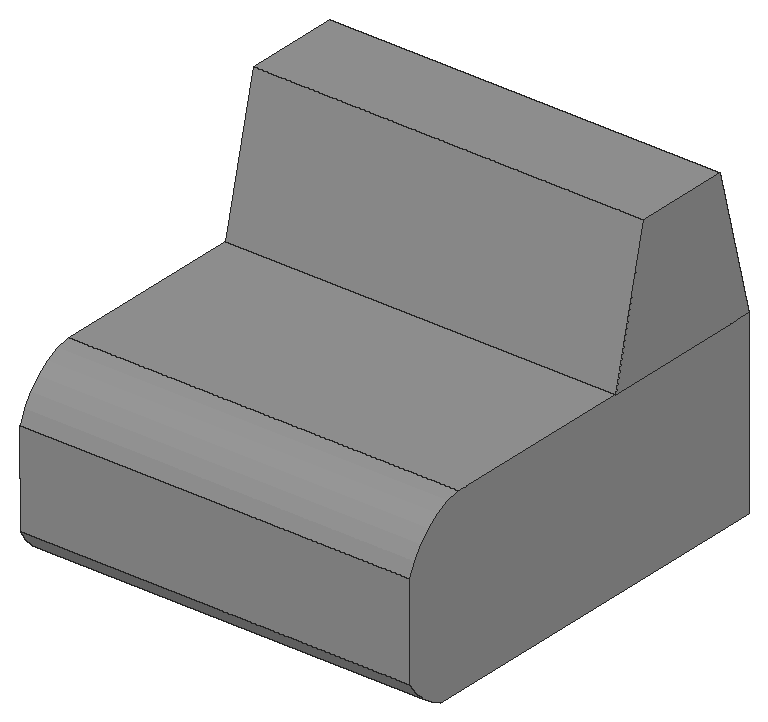
Revit family "_Casino_Single_Connector", category Furniture, Revit 2013
Parameters (values of type "Casino 1 Seat Connector")
  Model = "Casino"
  Length = 2' - 8 3/4"
  Description = "Seating"
  Width = 36' - 3"
  URL = "http://bernhardtdesign.com/"
  Product Page URL = "http://www.bernhardtdesign.com/products/casino/index.html"
  Product Name = "Casino"
  Product Documentation Link = "http://www.bernhardtdesign.com/pdf/pricelists/sofas/Casino_PL.pdf"
  Manufacturer = "Bernhardt "  # constant formula
  Level Certification = ""
  Height = 2' - 4 1/4"
  GreenGuard Certification = ""
  Bernhardt Fabric = Fabric-Bernhardt-White
Reference planes (in)
  plane 1 "Center (Front/Back)": y = 0
  plane 2 "Bottom": z = 0
  plane 3 "Center (Left/Right)": x = 0
  plane 4 "bottom": z = 1.16279
  plane 5 "base of back cushion": z = 16.29409
  plane 6: x = -16.31367
  plane 7: x = 16.43633
  plane 8 "top": z = 28.14339
  plane 9: y = 18.17146
  plane 10: y = -17.31987
  plane 11: y = 12.28146
  plane 12: y = -11.42987
Forms (in)
  Extrusion 1, solid, material "Fabric-Bernhardt-White"
    sketch origin (0, 0, 0) x (1, 0, 0) y (0, 1, 0)
      loop
        line (-16.31367, 18.17146) -> (-16.31367, -17.31987) -> (16.43633, -17.31987) -> (16.43633, 18.17146) -> (-16.31367, 18.17146)
    from 1.16279 to 16.29409
  Sweep 2, void
    path in 3D
      loop
        line (16.43633, -17.31987, 1.16279) -> (-16.31367, -17.31987, 1.16279)
    profile origin (0.06133, -17.31987, 1.16279) x (0, 1, 0) y (0, 0, -1)
      loop
        arc (-0.04047, -2.82561) -> (1.53462, -0.92623) -> (3.74305, 0.17439) r 5.97274
        line (3.74305, 0.17439) -> (3.74305, 1.67439) -> (-2.00695, 1.67439) -> (-2.00695, -2.82561) -> (-0.04047, -2.82561)
  Sweep 3, void
    path in 3D
      loop
        line (-16.31367, -17.31987, 16.29409) -> (16.43633, -17.31987, 16.29409)
    profile origin (0.06133, -17.31987, 16.29409) x (0, 1, 0) y (0, 0, 1)
      loop
        line (5.06987, 0) -> (-2.5, 0.9602) -> (-2.5, -4.40717) -> (0, -4.40717)
        arc (0, -4.40717) -> (1.92508, -1.50203) -> (5.06987, 0) r 6.533
  Extrusion 4, solid, material "Plastic, Opaque Black"
    sketch origin (-2.60968, 2.23669, 0) x (-1, 0, 0) y (0, -1, 0)
      loop
        circle (-13.65846, 11.94587) r 1.75
    from 0 to 1.16279
  SweptBlend 5, solid, material "Fabric-Bernhardt-White"
    path in 3D
      loop
        line (0, 11.41343, 28.14339) -> (0, 11.41343, 16.29409)
    profile origin (0, 11.41343, 28.14339) x (1, 0, 0) y (0, 1, 0)
      loop
        line (-16.31367, 3.75803) -> (-16.31367, -4.19877) -> (16.43633, -4.19877) -> (16.43633, 3.75803) -> (-16.31367, 3.75803)
    end profile origin (0, 11.41343, 16.29409) x (1, 0, 0) y (0, 1, 0)
      loop
        line (-16.31367, 6.75803) -> (-16.31367, -7.19923) -> (16.43633, -7.19923) -> (16.43633, 6.75803) -> (-16.31367, 6.75803)
  Extrusion 6, solid, material "Plastic, Opaque Black"
    sketch origin (-2.60968, 22.47734, 0) x (-1, 0, 0) y (0, -1, 0)
      loop
        circle (-13.65846, 11.94587) r 1.75
    from 0 to 1.16279
  Extrusion 7, solid, material "Plastic, Opaque Black"
    sketch origin (2.60968, 2.23669, 0) x (1, 0, 0) y (0, 1, 0)
      loop
        circle (-13.65846, -11.94587) r 1.75
    from 0 to 1.16279
  Extrusion 8, solid, material "Plastic, Opaque Black"
    sketch origin (2.60968, 22.47734, 0) x (1, 0, 0) y (0, 1, 0)
      loop
        circle (-13.65846, -11.94587) r 1.75
    from 0 to 1.16279
Cuts and joins
  Sweep 2, Sweep 3 cuts Extrusion 1
Lines and regions (in)
  sketch lines
    curve 1: line (16.43633, -17.31987, 1.16279) -> (-16.31367, -17.31987, 1.16279)
    curve 2: line (-16.31367, -17.31987, 16.29409) -> (16.43633, -17.31987, 16.29409)
    curve 7: line (0, 11.41343, 28.14339) -> (0, 11.41343, 16.29409)
  reference lines
    curve 3: line (-16.31367, 18.17146, 16.29409) -> (-16.31367, 4.21421, 16.29409)
    curve 4: line (9.67925, 18.17146, 16.29409) -> (-16.31367, 18.17146, 16.29409)
    curve 5: line (-16.31367, 15.17146, 28.14339) -> (-16.31367, 7.21467, 28.14339)
    curve 6: line (0, 11.41343, 28.14339) -> (0, 11.41343, 16.29409)
  symbolic lines
    curve 8: line (-16.31367, 18.17146, 28.14339) -> (16.43633, 18.17146, 28.14339)
    curve 9: line (16.43633, 18.17146, 28.14339) -> (16.43633, -17.31987, 28.14339)
    curve 10: line (16.43633, -17.31987, 28.14339) -> (-16.31367, -17.31987, 28.14339)
    curve 11: line (-16.31367, -17.31987, 28.14339) -> (-16.31367, 18.17146, 28.14339)
    curve 12: line (-16.31367, 4.67146, 28.14339) -> (16.43633, 4.67146, 28.14339)
Dimensions and locks (in)
  Extrusion 4 sketch curve to plane 10 = 0' - 9.36069"
  plane 6 to plane 7 = 2' - 8 3/4"
  locked: Extrusion 6 sketch curve to SweptBlend 5 at 3.63754
  Extrusion 4 sketch curve to cut or joined group of Extrusion 1, Sweep 2, Sweep 3 = 0' - 3.63754"
  radius of Extrusion 4 sketch curve = 0' - 1 3/4"
  radius of Extrusion 6 sketch curve = 0' - 1 3/4"
  radius of Extrusion 7 sketch curve = 0' - 1 3/4"
  radius of Extrusion 8 sketch curve = 0' - 1 3/4"
  aligned and locked: plane 2 "Bottom" to level
  aligned and locked: Extrusion 1 sketch curve to plane 6
  aligned and locked: plane 7 to Extrusion 1 sketch curve
  aligned and locked: Extrusion 1 to plane 4 "bottom"
  aligned and locked: plane 6 to Extrusion 1
  aligned and locked: plane 10 to curve 10
  aligned and locked: plane 7 to curve 9
  aligned and locked: SweptBlend 5 sketch curve to cut or joined group of Extrusion 1, Sweep 2, Sweep 3
  aligned and locked: plane 7 to SweptBlend 5 sketch curve  (x2)
  aligned and locked: SweptBlend 5 sketch curve to plane 7
  aligned and locked: plane 7 to curve 8
  aligned and locked: curve 9 to cut or joined group of Extrusion 1, Sweep 2, Sweep 3
  aligned and locked: curve 11 to curve 12
